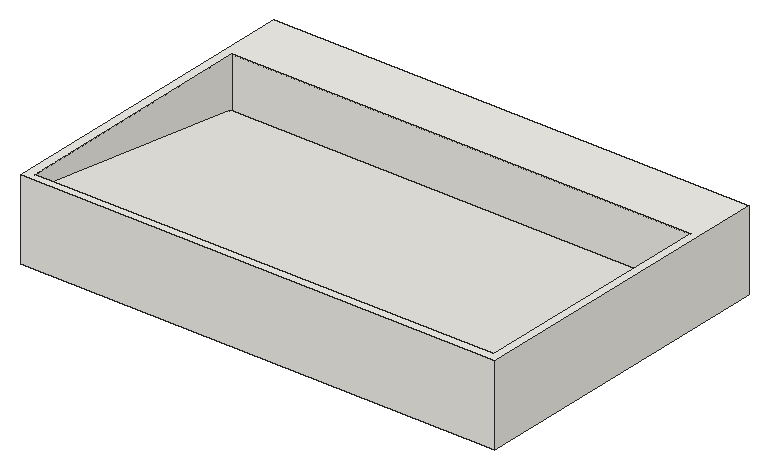
Revit family "TSL_US - TSLNANOP - The Nano Plus Sink", category Plumbing Fixtures, Revit 2021
Family settings
  Round Connector Dimension = Use Diameter
  Part Type = Normal
  Work Plane-Based = No
  Always vertical = Yes
  Cut with Voids When Loaded = No
  Shared = No
  Room Calculation Point = No
Parameters (values of type "TSL.NANO.P - White")
  URL = "https://thesplashlab.com/usa/product/the-nano-plus-sink/"
  Type Image = <None>
  Type Comments = "THE NANO PLUS SINK"
  TSL Width = 2' - 6"  # constant formula
  TSL Show Soap Dispenser Location [instance] = yes
  TSL Show Faucet Location [instance] = yes
  TSL Show Air Dryer Location [instance] = yes
  TSL Mounting Height [instance] = 2' - 10"
  TSL Material 02 = TSL - Material - Stainless Steel
  TSL Material 01 = TSL - Material - Glacier White
  TSL Height = 0' - 5"  # constant formula
  TSL Depth = 1' - 8"  # constant formula
  TSL Connector Diameter = 0' - 1 1/4"
  Show P Trap [instance] = yes
  Mounting Height for Drain [instance] = TSL Mounting Height - 0' 0" - 0' 4 31/128"  # 2' - 5 97/128"
  Model = "TSL.NANO.P.WH"
  Manufacturer = "The Splash Lab"
  Keynote = "22 40 00.A7"
  Description = "A 30” wide compact wash basin constructed in solid surface with concealed waste and 1 1/4” waste connection. Includes steel supporting wall bracket."
  Default Elevation = 0' - 0"
  Assembly Code = "D2010400"
Reference planes (in)
  plane 1 "Center (Front/Back)": y = 0
  plane 2: z = 0
  plane 3 "Center (Left/Right)": x = 0
  plane 4: z = 34
  plane 5: x = -15
  plane 6: x = 15
  plane 7: y = -20
  plane 8: y = -3.94
  plane 9: y = -1.97
  plane 10: z = 29
  plane 11: z = 33.5
  plane 12: x = -14.5
  plane 13: y = -19.5
  plane 14: x = 14.5
  plane 15: y = -3.44
  plane 16: z = 30.00268
  plane 17: y = -4.10406
  plane 18: y = -4.02203
  plane 19: x = -14.125
  plane 20: x = 14.125
  plane 21: z = 31.00268
  plane 22: y = -19.375
  plane 23: z = 30.84247
Dimensions and locks (in)
  "TSL Mounting Height": plane 4 to plane 2
  equal spacing: plane 5, plane 3 "Center (Left/Right)", plane 6
  "TSL Width": plane 5 to plane 6
  "TSL Depth": plane 7 to plane 1 "Center (Front/Back)"
  locked: plane 8 to plane 1 "Center (Front/Back)" at 3.94
  locked: plane 9 to plane 1 "Center (Front/Back)" at 1.97
  "TSL Height": plane 4 to plane 10
  locked: plane 4 to plane 11 at 0.5
  locked: plane 7 to plane 13 at 0.5
  locked: plane 5 to plane 12 at 0.5
  locked: plane 14 to plane 6 at 0.5
  locked: plane 8 to plane 15 at 0.5
  locked: plane 10 to plane 16 at 1.00268
  locked: plane 17 to plane 8 at 0.16406
  locked: plane 5 to plane 19 at 0.875
  locked: plane 20 to plane 6 at 0.875
  equal spacing: plane 8, plane 18, plane 17
  locked: plane 13 to plane 22 at 0.125
  locked: plane 16 to plane 21 at 1
  locked: plane 4 to plane 23 at 3.15753
  aligned and locked: level to plane 2
  aligned and locked: plane 3 "Center (Left/Right)" to nested 1
  aligned and locked: plane 1 "Center (Front/Back)" to nested 1
Nested families (in)
  nested 1: "TSL_US - TSLNANOP - The Nano Plus Sink - Nest - Shared" at (0, 0, 0), TSL Show Soap Dispenser Location <- "TSL Show Soap Dispenser Location", TSL Show Faucet Location <- "TSL Show Faucet Location", TSL Show Air Dryer Location <- "TSL Show Air Dryer Location", TSL Mounting Height <- "TSL Mounting Height", TSL Material 02 <- "TSL Material 02", TSL Material 01 <- "TSL Material 01", TSL Connector Diameter <- "TSL Connector Diameter", Show P Trap <- "Show P Trap", type "Default"
    with TSL Width 2' - 6", TSL Show Soap Dispenser Location yes, TSL Show Faucet Location yes, TSL Show Air Dryer Location yes, TSL Mounting Height 2' - 10", TSL Material 02 TSL - Material - Stainless Steel, TSL Material 01 TSL - Material - Glacier White, TSL Height 0' - 5", TSL Depth 1' - 8", TSL Connector Diameter 0' - 1 1/4", Show P Trap yes, Mounting Height for Drain 2' - 5 97/128"
  nested 2: "TSL_US - TSLDRAIN - Drain - Nest" at (0, -4.02203, 0), type "Default"
    with TSL Connector Diameter 0' - 1 1/4", Pipe Radius 0' - 0 5/8", Mounting Height 2' - 5 97/128"
  nested 3: "TSL_US - TSLDRAIN - Trap - Straight - Nest" at (0, -4.02203, 0), type "Default"
    with TSL Connector Diameter 0' - 1 1/4", Pipe Radius 0' - 0 5/8", Mounting Height 2' - 5 97/128"
Definition of nested family "TSL_US - TSLNANOP - The Nano Plus Sink - Nest - Shared"
  Parameters (values of type "Default")
    URL = ""
    Type Image = (empty or 0)
    Type Comments = ""
    TSL Width [instance] = 2' - 6"  # constant formula
    TSL Show Soap Dispenser Location [instance] = yes
    TSL Show Faucet Location [instance] = yes
    TSL Show Air Dryer Location [instance] = yes
    TSL Mounting Height [instance] = 2' - 10"
    TSL Material 02 [instance] = none
    TSL Material 01 [instance] = none
    TSL Height [instance] = 0' - 5"  # constant formula
    TSL Depth [instance] = 1' - 8"  # constant formula
    TSL Connector Diameter [instance] = 0' - 1 1/4"
    Show P Trap [instance] = yes
    Mounting Height for Drain [instance] = TSL Mounting Height - 0' 0" - 0' 4 31/128"  # 2' - 5 97/128"
    Model = ""
    Manufacturer = ""
    Description = ""
    Default Elevation = 0' - 0"
  Reference planes (in)
    plane 1 "Center (Front/Back)": y = 0
    plane 2: z = 0
    plane 3 "Center (Left/Right)": x = 0
    plane 4: z = 34
    plane 5: x = -15
    plane 6: x = 15
    plane 7: y = -20
    plane 8: y = -3.94
    plane 9: y = -1.97
    plane 10: z = 29
    plane 11: z = 33.5
    plane 12: x = -14.5
    plane 13: y = -19.5
    plane 14: x = 14.5
    plane 15: y = -3.44
    plane 16: z = 30.00268
    plane 17: y = -4.10406
    plane 18: y = -4.02203
    plane 19: x = -14.125
    plane 20: x = 14.125
    plane 21: z = 30.84247
    plane 22: z = 30.36162
    plane 23: z = 33.20125
    plane 24: z = 32.69554
    plane 25: y = -4.10406
    plane 26: z = 30.53589
    plane 27: y = -5.25365
    plane 28: z = 29.75609
    plane 29: y = -2.61154
    plane 30: z = 30.13537
    plane 31: z = 31.00268
    plane 32: y = -19.375
    plane 33: z = 30.84247
  Forms (in)
    Extrusion 1, solid, material <- "TSL Material 01"
      sketch origin (0, 0, 0) x (1, 0, 0) y (0, 1, 0)
        loop
          line (-15, 0) -> (-15, -20) -> (15, -20) -> (15, 0) -> (-15, 0)
        loop
          line (-14.5, -3.94) -> (-14.5, -19.5) -> (14.5, -19.5) -> (14.5, -3.94) -> (-14.5, -3.94)
      from 33.5 to 34
    Extrusion 2, solid, material <- "TSL Material 01"
      sketch origin (0, 0, 0) x (1, 0, 0) y (0, 1, 0)
        loop
          line (-15, 0) -> (-15, -20) -> (15, -20) -> (15, 0) -> (14.5, 0) -> (14.5, -19.5) -> (-14.5, -19.5) -> (-14.5, 0) -> (-15, 0)
      from 29 to 33.5
    Extrusion 3, solid, material <- "TSL Material 01"
      sketch origin (0, 0, 0) x (0, 1, 0) y (0, 0, 1)
        loop
          line (-19.5, 32.69554) -> (-4.10406, 30.36162) -> (-3.44, 30.36162) -> (-3.44, 33.5) -> (-3.94, 33.5) -> (-3.94, 30.84247) -> (-19.5, 33.20125) -> (-19.5, 32.69554)
      from -14.5 to 14.5
    Extrusion 4, solid, material <- "TSL Material 01"
      sketch origin (0, 0, 0) x (0, 1, 0) y (0, 0, 1)
        loop
          line (-5.25365, 30.53589) -> (-5.25365, 29.75609) -> (-2.61154, 29.75609) -> (-2.61154, 30.13537) -> (-5.25365, 30.53589)
      from -14.5 to 14.5
    Extrusion 5, void
      sketch origin (0, 0, 0) x (0, 1, 0) y (0, 0, 1)
        loop
          line (-4.10406, 34) -> (-4.10406, 30.00268) -> (-3.94, 30.00268) -> (-3.94, 34) -> (-4.10406, 34)
      from -14.5 to 14.5
    Extrusion 6, solid, material <- "TSL Material 02"
      sketch origin (0, 0, 0) x (0, 1, 0) y (0, 0, 1)
        loop
          line (-19.5, 31.00268) -> (-19.5, 30.00268) -> (-19.375, 30.00268) -> (-19.375, 31.00268) -> (-19.5, 31.00268)
      from -14.5 to 14.5
  Cuts and joins
    Extrusion 5 cuts Extrusion 3
    joined: Extrusion 1, Extrusion 2, Extrusion 3
    Extrusion 5 cuts Extrusion 4
  Lines and regions (in)
    symbolic lines
      curve 1: line (-14.5, 0, 34) -> (-14.5, 0, 30.84247)
      curve 2: line (-14.5, 0, 30.84247) -> (14.5, 0, 30.84247)
      curve 3: line (14.5, 0, 30.84247) -> (14.5, 0, 34)
      curve 4: line (0, -19.5, 34) -> (0, -19.5, 33.20125)
      curve 5: line (0, -19.5, 33.20125) -> (0, -3.94, 30.84247)
      curve 6: line (0, -3.94, 30.84247) -> (0, -3.94, 34)
  Dimensions and locks (in)
    "TSL Mounting Height": plane 4 to plane 2
    equal spacing: plane 5, plane 3 "Center (Left/Right)", plane 6
    "TSL Width": plane 5 to plane 6
    "TSL Depth": plane 7 to plane 1 "Center (Front/Back)"
    locked: plane 8 to plane 1 "Center (Front/Back)" at 3.94
    locked: plane 9 to plane 1 "Center (Front/Back)" at 1.97
    "TSL Height": plane 4 to plane 10
    locked: plane 4 to plane 11 at 0.5
    locked: plane 7 to plane 13 at 0.5
    locked: plane 5 to plane 12 at 0.5
    locked: plane 14 to plane 6 at 0.5
    locked: plane 8 to plane 15 at 0.5
    locked: plane 10 to plane 16 at 1.00268
    locked: plane 17 to plane 8 at 0.16406
    locked: plane 5 to plane 19 at 0.875
    locked: plane 20 to plane 6 at 0.875
    locked: plane 4 to plane 21 at 3.15753
    locked: plane 21 to plane 22 at 0.48084
    locked: plane 4 to plane 23 at 0.79875
    locked: plane 24 to plane 23 at 0.50571
    locked: plane 25 to plane 1 "Center (Front/Back)" at 4.10406
    locked: plane 29 to plane 1 "Center (Front/Back)" at 2.61154
    locked: plane 27 to plane 1 "Center (Front/Back)" at 5.25365
    locked: plane 4 to plane 26 at 3.46411
    locked: plane 28 to plane 26 at 0.7798
    locked: plane 4 to plane 30 at 3.86463
    equal spacing: plane 8, plane 18, plane 17
    locked: plane 13 to plane 32 at 0.125
    locked: plane 16 to plane 31 at 1
    locked: plane 4 to plane 33 at 3.15753
    aligned and locked: level to plane 2
    aligned and locked: plane 1 "Center (Front/Back)" to Extrusion 1 sketch curve
    aligned and locked: plane 5 to Extrusion 1 sketch curve
    aligned and locked: Extrusion 1 sketch curve to plane 7
    aligned and locked: plane 6 to Extrusion 1 sketch curve
    aligned and locked: plane 8 to Extrusion 1 sketch curve
    aligned and locked: plane 4 to Extrusion 1
    aligned and locked: plane 11 to Extrusion 1
    aligned and locked: Extrusion 2 sketch curve to plane 12
    aligned and locked: Extrusion 2 sketch curve to plane 13
    aligned and locked: Extrusion 2 sketch curve to plane 14
    aligned and locked: plane 1 "Center (Front/Back)" to Extrusion 2 sketch curve  (x2)
    aligned and locked: plane 5 to Extrusion 2 sketch curve
    aligned and locked: plane 6 to Extrusion 2 sketch curve
    aligned and locked: Extrusion 2 sketch curve to plane 7
    aligned and locked: Extrusion 2 to plane 11
    aligned and locked: plane 10 to Extrusion 2
    aligned and locked: Extrusion 3 sketch curve to plane 8
    aligned and locked: Extrusion 3 sketch curve to plane 15
    aligned and locked: Extrusion 3 sketch curve to plane 11
    aligned and locked: Extrusion 5 sketch curve to plane 16
    aligned and locked: Extrusion 5 sketch curve to plane 4
    aligned and locked: plane 17 to Extrusion 5 sketch curve
    aligned and locked: plane 8 to Extrusion 5 sketch curve
    aligned and locked: cut or joined group of Extrusion 4, Extrusion 5 to plane 12
    aligned and locked: plane 14 to cut or joined group of Extrusion 4, Extrusion 5
    aligned and locked: plane 12 to Extrusion 1 sketch curve
    aligned and locked: Extrusion 1 sketch curve to plane 14
    aligned and locked: plane 3 "Center (Left/Right)" to nested 2
    aligned and locked: plane 3 "Center (Left/Right)" to nested 1
    aligned and locked: nested 1 to plane 18
    aligned and locked: plane 9 to nested 2
    aligned and locked: nested 3 to plane 19
    aligned and locked: nested 4 to plane 20
    aligned and locked: plane 1 "Center (Front/Back)" to nested 4
    aligned and locked: plane 1 "Center (Front/Back)" to nested 3
    aligned and locked: plane 13 to Extrusion 1 sketch curve
    aligned and locked: plane 13 to Extrusion 3 sketch curve
    aligned and locked: plane 21 to Extrusion 3 sketch curve
    aligned and locked: Extrusion 3 sketch curve to plane 22
    aligned and locked: plane 23 to Extrusion 3 sketch curve
    aligned and locked: plane 24 to Extrusion 3 sketch curve
    aligned and locked: plane 25 to Extrusion 3 sketch curve
    aligned and locked: Extrusion 4 sketch curve to plane 27
    aligned and locked: plane 26 to Extrusion 4 sketch curve
    aligned and locked: Extrusion 4 sketch curve to plane 28
    aligned and locked: Extrusion 4 sketch curve to plane 29
    aligned and locked: plane 30 to Extrusion 4 sketch curve
    aligned and locked: Extrusion 6 sketch curve to plane 16
    aligned and locked: Extrusion 6 sketch curve to plane 31
    aligned and locked: plane 13 to Extrusion 6 sketch curve
    aligned and locked: Extrusion 6 sketch curve to plane 32
    aligned and locked: Extrusion 6 to plane 12
    aligned and locked: plane 14 to Extrusion 6
    aligned and locked: cut or joined group of Extrusion 1, Extrusion 2, Extrusion 3, Extrusion 5 to plane 12
    aligned and locked: plane 14 to cut or joined group of Extrusion 1, Extrusion 2, Extrusion 3, Extrusion 5
    aligned and locked: plane 3 "Center (Left/Right)" to nested 5
    aligned and locked: plane 9 to nested 5
    aligned and locked: plane 3 "Center (Left/Right)" to nested 6
    aligned and locked: plane 9 to nested 6
    aligned and locked: plane 14 to curve 3
    aligned and locked: curve 1 to plane 12
    aligned and locked: plane 33 to curve 2
    aligned and locked: curve 4 to plane 13
    aligned and locked: curve 6 to plane 8
  Automatic sketch dimensions
    curve 3 to plane 4 = 0' - 0"
    curve 1 to plane 4 = 0' - 0"
    plane 33 to curve 5 = 0' - 0"
    curve 6 to plane 4 = 0' - 0"
    curve 4 to plane 4 = 0' - 0"
    plane 11 to curve 5 = 0' - 0.29875"
  Nested families (in)
    nested 1: "TSL_US - TSLDRAIN - Drain - Nest" at (0, -4.02203, 0), Mounting Height <- "Mounting Height for Drain", TSL Connector Diameter <- "TSL Connector Diameter", type "Default"
      with TSL Connector Diameter 0' - 1 1/4", Pipe Radius 0' - 0 5/8", Mounting Height 2' - 5 97/128"
    nested 2: "TSL - TSLNANOR - The Ribbon Sink - Faucet Hole - Nest" at (0, -1.97, 0), visible <- "TSL Show Faucet Location", type "Default"
    nested 3: "TSL - TSLNANOR - The Ribbon Sink - Support - Nest" at (-14.125, 0, 0), Mounting Height <- "TSL Mounting Height", type "Default"
      with Mounting Height 2' - 10"
    nested 4: "TSL - TSLNANOR - The Ribbon Sink - Support - Nest" at (14.125, 0, 0), Mounting Height <- "TSL Mounting Height", type "Default"
      with Mounting Height 2' - 10"
    nested 5: "TSL - TSLNANOR - The Ribbon Sink - Soap Dispenser Hole - Nest" at (0, -1.97, 0), visible <- "TSL Show Soap Dispenser Location", type "Default"
    nested 6: "TSL - TSLNANOR - The Ribbon Sink - Air Dryer Hole - Nest" at (0, -1.97, 0), visible <- "TSL Show Air Dryer Location", type "Default"
    nested 7: "TSL_US - TSLDRAIN - Trap - Straight - Nest" at (0, -4.02203, 0), Mounting Height <- "Mounting Height for Drain", TSL Connector Diameter <- "TSL Connector Diameter", visible <- "Show P Trap", type "Default"
      with TSL Connector Diameter 0' - 1 1/4", Pipe Radius 0' - 0 5/8", Mounting Height 2' - 5 97/128"
  Definition of nested family "TSL_US - TSLDRAIN - Drain - Nest"
    Parameters (values of type "Default")
      URL = ""
      Type Image = (empty or 0)
      Type Comments = ""
      TSL Material 03 = none
      TSL Material 02 = none
      TSL Connector Diameter [instance] = 0' - 1 1/4"
      Pipe Radius [instance] = TSL Connector Diameter / 2  # 0' - 0 5/8"
      Mounting Height [instance] = 2' - 10"
      Model = ""
      Manufacturer = ""
      Description = ""
      Default Elevation = 0' - 0"
    Reference planes (in)
      plane 1 "Center (Front/Back)": y = 0
      plane 2: z = 0
      plane 3 "Center (Left/Right)": x = 0
      plane 4: z = 34
      plane 5: z = 33.52756
      plane 6: z = 33.31102
    Forms (in)
      Extrusion 1, solid, material <- "TSL Material 02"
        sketch origin (0, 0, 0) x (1, 0, 0) y (0, 1, 0)
          loop
            line (3.17171, 1.14173) -> (-3.1275, 1.14173)
            arc (-3.1275, 1.14173) -> (-3.9093, 0.79353) -> (-4.22986, 0) r 1.14244
            arc (-4.22986, 0) -> (-3.9093, -0.79353) -> (-3.1275, -1.14173) r 1.14244
            line (-3.1275, -1.14173) -> (3.17171, -1.14173)
            arc (3.17171, -1.14173) -> (3.95351, -0.79353) -> (4.27407, 0) r 1.14244
            arc (4.27407, 0) -> (3.95351, 0.79353) -> (3.17171, 1.14173) r 1.14244
        from 33.52756 to 34
      Extrusion 2, solid, material <- "TSL Material 02"
        sketch origin (0, 0, 0) x (1, 0, 0) y (0, 1, 0)
          loop
            arc (-2.34252, 1.12402) -> (-3.46457, 0.00197) -> (-2.34252, -1.12008) r 1.12205
            line (-2.34252, -1.12008) -> (2.34252, -1.12008)
            arc (2.34252, -1.12008) -> (3.46457, 0.00197) -> (2.34252, 1.12402) r 1.12205
            line (2.34252, 1.12402) -> (-2.34252, 1.12402)
        from 33.31102 to 33.52756
      Extrusion 3, solid, material <- "TSL Material 02"
        sketch origin (0, -4.02693, 37.59245) x (1, 0, 0) y (0, 0, 1)
          loop
            arc (-2.64868, -4.28143) -> (-2.6025, -4.3734) -> (-2.53187, -4.44825) r 0.35494
            arc (-2.53187, -4.44825) -> (-2.42036, -4.5351) -> (-2.29805, -4.60596) r 1.03504
            arc (-2.29805, -4.60596) -> (-2.10154, -4.70231) -> (-1.89986, -4.78731) r 3.83802
            line (-1.89986, -4.78731) -> (-1.36673, -4.99429)
            arc (-1.36673, -4.99429) -> (-1.11597, -5.10775) -> (-0.87907, -5.24786) r 2.52194
            arc (-0.87907, -5.24786) -> (-0.82943, -5.29051) -> (-0.79147, -5.34382) r 0.27091
            arc (-0.79147, -5.34382) -> (-0.78526, -5.36159) -> (-0.78501, -5.38042) r 0.05851
            line (-0.78501, -5.38042) -> (-0.78501, -5.42344) -> (0.78501, -5.42344) -> (0.78501, -5.38042)
            arc (0.78501, -5.38042) -> (0.78526, -5.36159) -> (0.79147, -5.34382) r 0.05851
            arc (0.79147, -5.34382) -> (0.82943, -5.29051) -> (0.87907, -5.24786) r 0.27091
            arc (0.87907, -5.24786) -> (1.11597, -5.10775) -> (1.36673, -4.99429) r 2.52194
            line (1.36673, -4.99429) -> (1.89986, -4.78731)
            arc (1.89986, -4.78731) -> (2.10154, -4.70231) -> (2.29805, -4.60596) r 3.83802
            arc (2.29805, -4.60596) -> (2.42036, -4.5351) -> (2.53187, -4.44825) r 1.03504
            arc (2.53187, -4.44825) -> (2.6025, -4.3734) -> (2.64868, -4.28143) r 0.35494
            line (2.64868, -4.28143) -> (-2.64868, -4.28143)
        from -4.35345 to -3.70437
      Extrusion 4, solid, material <- "TSL Material 02"
        sketch origin (0, 0, 0) x (1, 0, 0) y (0, 0, 1)
          loop
            arc (-3.33337, 33.31102) -> (-3.27209, 33.30124) -> (-3.21691, 33.27287) r 0.19685
            arc (-3.21691, 33.27287) -> (-2.52143, 32.89597) -> (-1.75011, 32.72047) r 2.90753
            line (-1.75011, 32.72047) -> (-1.70852, 32.71683)
            arc (-1.70852, 32.71683) -> (-1.59336, 32.69549) -> (-1.48439, 32.65257) r 0.61097
            line (-1.48439, 32.65257) -> (1.48439, 32.65257)
            arc (1.48439, 32.65257) -> (1.59336, 32.69549) -> (1.70852, 32.71683) r 0.61097
            line (1.70852, 32.71683) -> (1.75011, 32.72047)
            arc (1.75011, 32.72047) -> (2.52143, 32.89597) -> (3.21691, 33.27287) r 2.90753
            arc (3.21691, 33.27287) -> (3.27209, 33.30124) -> (3.33337, 33.31102) r 0.19685
            line (3.33337, 33.31102) -> (-3.33337, 33.31102)
        from -0.03631 to 0.0366
      Revolve 5, solid, material <- "TSL Material 02"
        sketch origin (0, 0, 0) x (0, 1, 0) y (0, 0, 1)
          loop
            arc (-0.7219, 32.12504) -> (-0.73742, 32.08681) -> (-0.77382, 32.06738) r 0.06058
            line (-0.77382, 32.06738) -> (0, 32.06738) -> (0, 32.8936) -> (-0.05442, 32.8936)
            arc (-0.05442, 32.8936) -> (-0.35689, 32.8083) -> (-0.57021, 32.57753) r 0.57888
            line (-0.57021, 32.57753) -> (-0.66745, 32.38668)
            arc (-0.66745, 32.38668) -> (-0.70563, 32.25814) -> (-0.7219, 32.12504) r 0.80316
          axis (0, 32.8936) -> (0, 32.06738)
        angle from 0 to 360
      Revolve 6, solid, material <- "TSL Material 02"
        sketch origin (0, 0, 0.07168) x (1, 0, 0) y (0, 0, 1)
          loop
            line (-0.95691, 31.95978) -> (-0.88151, 31.91628) -> (-0.95422, 31.87285) -> (-0.8788, 31.82934) -> (-0.9515, 31.78591) -> (-0.87608, 31.7424) -> (-0.94879, 31.69896) -> (-0.87336, 31.65545) -> (-0.94607, 31.61202) -> (-0.87065, 31.5685) -> (-0.94336, 31.52507) -> (-0.86784, 31.4815) -> (-0.94068, 31.43948) -> (0, 31.43948) -> (0, 31.9957) -> (-0.89709, 31.9957) -> (-0.95691, 31.95978)
          axis (0, 31.9957) -> (0, 31.43948)
        angle from 0 to 360
    Cuts and joins
      joined: Extrusion 1, Extrusion 2, Extrusion 3, Extrusion 4, Revolve 5, Revolve 6
    Lines and regions (in)
      symbolic lines
        curve 1: circle (0, 0, 0) r 0.75 normal (0, 0, 1)
      model lines
        curve 2: line (0, 0, 0) -> (0, 0, 48)
    Dimensions and locks (in)
      "Mounting Height": plane 4 to plane 2
      locked: plane 4 to plane 5 at 0.47244
      locked: plane 5 to plane 6 at 0.21654
      aligned and locked: level to plane 2
      aligned and locked: plane 4 to Extrusion 1
      aligned and locked: plane 5 to Extrusion 1
      aligned and locked: Extrusion 2 to plane 5
      aligned and locked: Extrusion 2 to plane 6
    Automatic sketch dimensions
      curve 2 to plane 3 "Center (Left/Right)" = 0' - 0"
      curve 2 to level = 0' - 0"
      plane 4 to curve 2 = 1' - 2"
      plane 1 "Center (Front/Back)" to curve 1 = 0' - 0"
      curve 1 to plane 3 "Center (Left/Right)" = 0' - 0"
      Extrusion 1 sketch curve to Extrusion 1 sketch curve = 0' - 0"  (x2)
      plane 1 "Center (Front/Back)" to Extrusion 1 sketch curve = 0' - 0"  (x2)
      Extrusion 2 sketch curve to plane 1 "Center (Front/Back)" = 0' - 0.00197"
      Extrusion 3 sketch curve to plane 6 = 0' - 0"
      plane 5 to Extrusion 3 sketch curve = 0' - 0.10492"  (x2)
      Extrusion 3 sketch curve to plane 6 = 0' - 0.50588"
      Extrusion 3 sketch curve to Extrusion 3 sketch curve = 0' - 0.41189"
      Extrusion 3 sketch curve to plane 4 = 0' - 0.08456"  (x2)
      Extrusion 3 sketch curve to Extrusion 3 sketch curve = 0' - 0.47017"
      Extrusion 3 sketch curve to plane 6 = 0' - 0.71285"  (x2)
      Extrusion 3 sketch curve to Extrusion 3 sketch curve = 0' - 0.53313"  (x2)
      Extrusion 3 sketch curve to Extrusion 3 sketch curve = 0' - 0.33722"  (x2)
      Extrusion 3 sketch curve to Extrusion 3 sketch curve = 0' - 0.18663"  (x2)
      Extrusion 3 sketch curve to Extrusion 3 sketch curve = 0' - 0.05786"  (x2)
      Extrusion 3 sketch curve to plane 3 "Center (Left/Right)" = 0' - 0.51082"
      plane 3 "Center (Left/Right)" to Extrusion 3 sketch curve = 0' - 0.51082"
      plane 3 "Center (Left/Right)" to Extrusion 3 sketch curve = 0' - 0.78501"
      Extrusion 3 sketch curve to Extrusion 3 sketch curve = 0' - 0.37747"  (x2)
      Extrusion 3 sketch curve to Extrusion 3 sketch curve = 0' - 0.00867"  (x2)
      Extrusion 3 sketch curve to Extrusion 3 sketch curve = 0' - 0.04303"
      Extrusion 3 sketch curve to Extrusion 3 sketch curve = 0' - 0.10141"  (x2)
      Extrusion 3 sketch curve to Extrusion 3 sketch curve = 0' - 1.8721"  (x2)
      Extrusion 3 sketch curve to Extrusion 3 sketch curve = 0' - 0.20698"
      plane 4 to Extrusion 3 sketch curve = 0' - 2.38299"
      Extrusion 3 sketch curve to Extrusion 3 sketch curve = 0' - 0"  (x3)
      Extrusion 3 sketch curve to Extrusion 3 sketch curve = 0' - 0.11681"
      Extrusion 3 sketch curve to plane 6 = 0' - 0.32453"
      Extrusion 4 sketch curve to plane 6 = 0' - 0"  (x2)
      plane 3 "Center (Left/Right)" to Extrusion 4 sketch curve = 0' - 3.33337"
      Extrusion 4 sketch curve to Extrusion 4 sketch curve = 0' - 0.22412"  (x2)
      Extrusion 4 sketch curve to Extrusion 4 sketch curve = 0' - 0.0416"  (x2)
      Extrusion 4 sketch curve to Extrusion 4 sketch curve = 0' - 0.27737"
      Extrusion 4 sketch curve to Extrusion 4 sketch curve = 0' - 0.05325"
      Extrusion 4 sketch curve to plane 6 = 0' - 0.19685"  (x2)
      Extrusion 4 sketch curve to plane 6 = 0' - 0.59055"  (x2)
      Extrusion 4 sketch curve to Extrusion 4 sketch curve = 0' - 0.00364"  (x2)
      Extrusion 4 sketch curve to Extrusion 4 sketch curve = 0' - 0.06427"
      plane 4 to Extrusion 4 sketch curve = 0' - 1.61694"  (x2)
      Revolve 5 sketch curve to plane 1 "Center (Front/Back)" = 0' - 0"  (x2)
      Revolve 5 sketch curve to Revolve 5 sketch curve = 0' - 0.09724"
      Revolve 5 sketch curve to Revolve 5 sketch curve = 0' - 0.10637"
      Revolve 5 sketch curve to Revolve 5 sketch curve = 0' - 0.00862"
      Revolve 5 sketch curve to plane 6 = 0' - 1.24364"
      Revolve 5 sketch curve to Revolve 5 sketch curve = 0' - 0.02712"
      Revolve 5 sketch curve to Revolve 5 sketch curve = 0' - 0.05996"
      Revolve 5 sketch curve to Revolve 5 sketch curve = 0' - 0.24734"
      Revolve 5 sketch curve to Revolve 5 sketch curve = 0' - 0.26164"
      Revolve 5 sketch curve to Revolve 5 sketch curve = 0' - 0.19084"
      Revolve 5 sketch curve to Revolve 5 sketch curve = 0' - 1.42433"
      plane 4 to Revolve 5 sketch curve = 0' - 0 1/2"
      Revolve 6 sketch curve to plane 3 "Center (Left/Right)" = 0' - 0"  (x2)
      Revolve 6 sketch curve to plane 3 "Center (Left/Right)" = 0' - 0.86784"
      Revolve 6 sketch curve to Revolve 6 sketch curve = 0' - 0.00281"
      Revolve 6 sketch curve to Revolve 6 sketch curve = 0' - 0.00272"  (x3)
      Revolve 6 sketch curve to Revolve 6 sketch curve = 0' - 0.00271"
      Revolve 6 sketch curve to Revolve 6 sketch curve = 0' - 0.01557"
      Revolve 6 sketch curve to Revolve 6 sketch curve = 0' - 0.07285"
      Revolve 6 sketch curve to Revolve 6 sketch curve = 0' - 0.07271"  (x5)
      Revolve 6 sketch curve to Revolve 6 sketch curve = 0' - 0.05983"
      Revolve 6 sketch curve to plane 6 = 0' - 1.79987"
      Revolve 6 sketch curve to Revolve 6 sketch curve = 0' - 0.04203"
      Revolve 6 sketch curve to Revolve 6 sketch curve = 0' - 0.0856"
      Revolve 6 sketch curve to Revolve 6 sketch curve = 0' - 0.04343"  (x5)
      Revolve 6 sketch curve to Revolve 6 sketch curve = 0' - 0.08694"  (x2)
      Revolve 6 sketch curve to Revolve 6 sketch curve = 0' - 0.08695"  (x2)
      Revolve 6 sketch curve to Revolve 6 sketch curve = 0' - 0.08693"
      Revolve 6 sketch curve to Revolve 6 sketch curve = 0' - 0.55623"
      Revolve 6 sketch curve to Revolve 6 sketch curve = 0' - 0.20252"
      Revolve 6 sketch curve to Revolve 6 sketch curve = 0' - 0.18143"
      plane 3 "Center (Left/Right)" to Extrusion 1 sketch curve = 0' - 3.13164"
      Extrusion 1 sketch curve to Extrusion 1 sketch curve = 0' - 0.04007"  (x3)
      plane 3 "Center (Left/Right)" to Extrusion 2 sketch curve = 0' - 2.34252"
      Extrusion 3 sketch curve to Extrusion 3 sketch curve = 0' - 0.45648"
      Extrusion 3 sketch curve to Extrusion 3 sketch curve = 0' - 1.24995"  (x2)
      Extrusion 3 sketch curve to Extrusion 3 sketch curve = 0' - 0.01369"
      Extrusion 3 sketch curve to Extrusion 3 sketch curve = 0' - 0.33693"  (x2)
      plane 3 "Center (Left/Right)" to Extrusion 4 sketch curve = 0' - 1 31/64"
      plane 3 "Center (Left/Right)" to Extrusion 4 sketch curve = 0' - 1.4967"
      Extrusion 4 sketch curve to Extrusion 4 sketch curve = 0' - 0"
      Extrusion 1 sketch curve to plane 3 "Center (Left/Right)" = 0' - 3.08743"
      Extrusion 2 sketch curve to plane 3 "Center (Left/Right)" = 0' - 2.34252"
      Extrusion 3 sketch curve to plane 3 "Center (Left/Right)" = 0' - 0.78501"
      Extrusion 4 sketch curve to plane 3 "Center (Left/Right)" = 0' - 1 31/64"
      Extrusion 4 sketch curve to plane 3 "Center (Left/Right)" = 0' - 1.4967"
      Extrusion 4 sketch curve to Extrusion 4 sketch curve = 0' - 1.58326"
      Revolve 5 sketch curve to plane 1 "Center (Front/Back)" = 0' - 0.08068"
      plane 1 "Center (Front/Back)" to Extrusion 1 sketch curve = 0' - 1.14173"
      plane 1 "Center (Front/Back)" to Extrusion 2 sketch curve = 0' - 1.12008"
      plane 1 "Center (Front/Back)" to Revolve 5 sketch curve = 0' - 0.05442"
      plane 1 "Center (Front/Back)" to Revolve 5 sketch curve = 0' - 0.57021"
      radius of curve 1 = 0' - 0 3/4"
  Definition of nested family "TSL - TSLNANOR - The Ribbon Sink - Support - Nest"
    Parameters (values of type "Default")
      URL = ""
      Type Image = (empty or 0)
      Type Comments = ""
      TSL Material 02 = none
      TSL Depth = 1' - 8"
      Mounting Height [instance] = 2' - 10"
      Model = ""
      Manufacturer = ""
      Description = ""
      Default Elevation = 0' - 0"
    Reference planes (in)
      plane 1 "Center (Front/Back)": y = 0
      plane 2: z = 0
      plane 3 "Center (Left/Right)": x = 0
      plane 4: z = 34
      plane 5: y = -20
      plane 6: y = -0.25
      plane 7: z = 30
      plane 8: z = 29
      plane 9: y = -19.5
      plane 10: x = -0.375
      plane 11: x = 0.375
      plane 12: y = -3.01032
      plane 13: z = 33.5
    Forms (in)
      Extrusion 1, solid, material <- "TSL Material 02"
        sketch origin (0, 0, 0) x (1, 0, 0) y (0, 0, 1)
          loop
            line (-0.375, 33.5) -> (-0.375, 29) -> (0.375, 29) -> (0.375, 33.5) -> (-0.375, 33.5)
        from 0 to 0.25
      Extrusion 2, solid, material <- "TSL Material 02"
        sketch origin (0, 0, 0) x (1, 0, 0) y (0, 1, 0)
          loop
            line (-0.375, -0.25) -> (-0.375, -19.5) -> (0.375, -19.5) -> (0.375, -0.25) -> (-0.375, -0.25)
        from 29 to 30
    Cuts and joins
      joined: Extrusion 1, Extrusion 2
    Lines and regions (in)
      symbolic lines
        curve 1: line (-0.375, 0, 0) -> (0.375, 0, 0)
        curve 2: line (-0.375, -0.25, 0) -> (-0.375, 0, 0)
        curve 3: line (0.375, -0.25, 0) -> (-0.375, -0.25, 0)
        curve 4: line (0.375, 0, 0) -> (0.375, -0.25, 0)
        curve 5: line (-0.375, -0.25, 0) -> (-0.375, -19.5, 0)
        curve 6: line (-0.375, -19.5, 0) -> (0.375, -19.5, 0)
        curve 7: line (0.375, -19.5, 0) -> (0.375, -0.25, 0)
      model lines
        curve 8: line (0, 0, 0) -> (0, 0, 48)
    Dimensions and locks (in)
      "Mounting Height": plane 4 to plane 2
      "TSL Depth": plane 5 to plane 1 "Center (Front/Back)"
      locked: plane 6 to plane 1 "Center (Front/Back)" at 0.25
      locked: plane 4 to plane 7 at 4
      locked: plane 8 to plane 7 at 1
      locked: plane 5 to plane 9 at 0.5
      equal spacing: plane 10, plane 3 "Center (Left/Right)", plane 11
      locked: plane 4 to plane 13 at 0.5
      locked: plane 10 to plane 11 at 0.75
      aligned and locked: level to plane 2
      aligned and locked: Extrusion 2 sketch curve to plane 9
      aligned and locked: plane 10 to Extrusion 2 sketch curve
      aligned and locked: plane 11 to Extrusion 2 sketch curve
      aligned and locked: Extrusion 2 sketch curve to plane 6
      aligned and locked: plane 8 to Extrusion 2
      aligned and locked: Extrusion 2 to plane 7
      aligned and locked: plane 1 "Center (Front/Back)" to curve 1
      aligned and locked: plane 6 to curve 5
      aligned and locked: plane 6 to curve 7
      aligned and locked: curve 7 to plane 11
      aligned and locked: curve 5 to plane 10
      aligned and locked: plane 9 to curve 6
      aligned and locked: Extrusion 1 to plane 11
      aligned and locked: Extrusion 1 to plane 10
      aligned and locked: plane 10 to curve 2
      aligned and locked: plane 11 to curve 4
    Automatic sketch dimensions
      curve 8 to plane 3 "Center (Left/Right)" = 0' - 0"
      curve 8 to level = 0' - 0"
      plane 4 to curve 8 = 1' - 2"
      Extrusion 1 sketch curve to plane 13 = 0' - 0"
      plane 8 to Extrusion 1 sketch curve = 0' - 0"
      plane 11 to Extrusion 1 sketch curve = 0' - 0"
      Extrusion 1 sketch curve to plane 10 = 0' - 0"
  Definition of nested family "TSL_US - TSLDRAIN - Trap - Straight - Nest"
    Parameters (values of type "Default")
      URL = ""
      Type Image = (empty or 0)
      Type Comments = ""
      TSL Material 03 = none
      TSL Material 02 = none
      TSL Connector Diameter [instance] = 0' - 1 1/4"
      Pipe Radius [instance] = TSL Connector Diameter / 2  # 0' - 0 5/8"
      Mounting Height [instance] = 2' - 10"
      Model = ""
      Manufacturer = ""
      Description = ""
      Default Elevation = 0' - 0"
    Reference planes (in)
      plane 1 "Center (Front/Back)": y = 0
      plane 2: z = 0
      plane 3 "Center (Left/Right)": x = 0
      plane 4: z = 34
      plane 5: z = 33.52756
      plane 6: z = 33.31102
    Forms (in)
      Sweep 1, solid, material <- "TSL Material 03"
        path origin (0, 0, 0) x (0, 1, 0) y (0, 0, 1)
          loop
            line (0, 31.51115) -> (0, 30.28732)
            arc (0, 30.28732) -> (0.44971, 29.18542) -> (1.542, 28.71286) r 1.5748
            line (1.542, 28.71286) -> (4.52883, 28.65063)
        profile origin (0, 0, 30.89924) x (1, 0, 0) y (0, 1, 0)
          loop
            circle (0, 0) r 0.625
    Lines and regions (in)
      symbolic lines
        curve 1: circle (0, 0, 0) r 0.75 normal (0, 0, 1)
    Dimensions and locks (in)
      "Mounting Height": plane 4 to plane 2
      locked: plane 4 to plane 5 at 0.47244
      locked: plane 5 to plane 6 at 0.21654
      "Pipe Radius": radius of Sweep 1 sketch curve
      aligned and locked: level to plane 2
    Automatic sketch dimensions
      plane 1 "Center (Front/Back)" to curve 1 = 0' - 0"
      curve 1 to plane 3 "Center (Left/Right)" = 0' - 0"
      Sweep 1 sketch curve to plane 1 "Center (Front/Back)" = 0' - 0"
      Sweep 1 sketch curve to plane 1 "Center (Front/Back)" = 0' - 1.542"
      Sweep 1 sketch curve to plane 1 "Center (Front/Back)" = 0' - 1.5748"
      Sweep 1 sketch curve to plane 6 = 0' - 4.59816"
      Sweep 1 sketch curve to plane 6 = 0' - 4.66039"
      Sweep 1 sketch curve to Sweep 1 sketch curve = 0' - 1.22383"
      Sweep 1 sketch curve to Sweep 1 sketch curve = 0' - 2.98683"
      Sweep 1 sketch curve to plane 3 "Center (Left/Right)" = 0' - 0"
      profile plane to Sweep 1 sketch curve = 0' - 0"
      radius of curve 1 = 0' - 0 3/4"
    Connectors (in)
      piping at (0, 4.52883, 28.65063), diameter 1.25, driven by "TSL Connector Diameter"
        settings: on Sweep 1, index 1, connector inside diameter 24", connector length 0' - 0", flow factor 0, pipe flow 0 GPM, pressure drop 0.00 psi, fitting loss kfactor 0, connector angle 0.00°, fixture units 0, engagement length 0' - 0", angle of deflection 0.00°, flow configuration 3, flow direction 2, fitting loss method 0, system type 16, joint type 0, gender type 0, connector reference index -1, connector utility 0, adjustable connector no, is connector primary yes, connector description "Sink waste water"
  Definition of nested family "TSL - TSLNANOR - The Ribbon Sink - Faucet Hole - Nest"
    Parameters (values of type "Default")
      URL = ""
      Type Image = (empty or 0)
      Type Comments = ""
      Model = ""
      Manufacturer = ""
      Description = ""
      Default Elevation = 0' - 0"
    Reference planes (in)
      plane 1 "Center (Front/Back)": y = 0
      plane 2: z = 0
      plane 3 "Center (Left/Right)": x = 0
    Lines and regions (in)
      model lines
        curve 1: line (0, 0, 0) -> (0, 0, 48)
      symbolic lines
        curve 2: line (0, 0.34375, 0) -> (0, -0.34375, 0)
        curve 3: line (-0.34375, 0, 0) -> (0.34375, 0, 0)
    Dimensions and locks (in)
      aligned and locked: level to plane 2
  Definition of nested family "TSL - TSLNANOR - The Ribbon Sink - Soap Dispenser Hole - Nest"
    Parameters (values of type "Default")
      URL = ""
      Type Image = (empty or 0)
      Type Comments = ""
      Model = ""
      Manufacturer = ""
      Description = ""
      Default Elevation = 0' - 0"
    Reference planes (in)
      plane 1 "Center (Front/Back)": y = 0
      plane 2: z = 0
      plane 3 "Center (Left/Right)": x = 0
    Lines and regions (in)
      model lines
        curve 1: line (0, 0, 0) -> (0, 0, 48)
      symbolic lines
        curve 2: line (-7.87, 0.34375, 0) -> (-7.87, -0.34375, 0)
        curve 3: line (-8.21375, 0, 0) -> (-7.52625, 0, 0)
    Dimensions and locks (in)
      aligned and locked: level to plane 2
  Definition of nested family "TSL - TSLNANOR - The Ribbon Sink - Air Dryer Hole - Nest"
    Parameters (values of type "Default")
      URL = ""
      Type Image = (empty or 0)
      Type Comments = ""
      Model = ""
      Manufacturer = ""
      Description = ""
      Default Elevation = 0' - 0"
    Reference planes (in)
      plane 1 "Center (Front/Back)": y = 0
      plane 2: z = 0
      plane 3 "Center (Left/Right)": x = 0
    Lines and regions (in)
      model lines
        curve 1: line (0, 0, 0) -> (0, 0, 48)
      symbolic lines
        curve 2: line (7.87, 0.34375, 0) -> (7.87, -0.34375, 0)
        curve 3: line (7.52625, 0, 0) -> (8.21375, 0, 0)
    Dimensions and locks (in)
      aligned and locked: level to plane 2
Definition of nested family "TSL_US - TSLDRAIN - Drain - Nest"
  Parameters (values of type "Default")
    URL = ""
    Type Image = (empty or 0)
    Type Comments = ""
    TSL Material 03 = none
    TSL Material 02 = none
    TSL Connector Diameter [instance] = 0' - 1 1/4"
    Pipe Radius [instance] = TSL Connector Diameter / 2  # 0' - 0 5/8"
    Mounting Height [instance] = 2' - 10"
    Model = ""
    Manufacturer = ""
    Description = ""
    Default Elevation = 0' - 0"
  Reference planes (in)
    plane 1 "Center (Front/Back)": y = 0
    plane 2: z = 0
    plane 3 "Center (Left/Right)": x = 0
    plane 4: z = 34
    plane 5: z = 33.52756
    plane 6: z = 33.31102
  Forms (in)
    Extrusion 1, solid, material <- "TSL Material 02"
      sketch origin (0, 0, 0) x (1, 0, 0) y (0, 1, 0)
        loop
          line (3.17171, 1.14173) -> (-3.1275, 1.14173)
          arc (-3.1275, 1.14173) -> (-3.9093, 0.79353) -> (-4.22986, 0) r 1.14244
          arc (-4.22986, 0) -> (-3.9093, -0.79353) -> (-3.1275, -1.14173) r 1.14244
          line (-3.1275, -1.14173) -> (3.17171, -1.14173)
          arc (3.17171, -1.14173) -> (3.95351, -0.79353) -> (4.27407, 0) r 1.14244
          arc (4.27407, 0) -> (3.95351, 0.79353) -> (3.17171, 1.14173) r 1.14244
      from 33.52756 to 34
    Extrusion 2, solid, material <- "TSL Material 02"
      sketch origin (0, 0, 0) x (1, 0, 0) y (0, 1, 0)
        loop
          arc (-2.34252, 1.12402) -> (-3.46457, 0.00197) -> (-2.34252, -1.12008) r 1.12205
          line (-2.34252, -1.12008) -> (2.34252, -1.12008)
          arc (2.34252, -1.12008) -> (3.46457, 0.00197) -> (2.34252, 1.12402) r 1.12205
          line (2.34252, 1.12402) -> (-2.34252, 1.12402)
      from 33.31102 to 33.52756
    Extrusion 3, solid, material <- "TSL Material 02"
      sketch origin (0, -4.02693, 37.59245) x (1, 0, 0) y (0, 0, 1)
        loop
          arc (-2.64868, -4.28143) -> (-2.6025, -4.3734) -> (-2.53187, -4.44825) r 0.35494
          arc (-2.53187, -4.44825) -> (-2.42036, -4.5351) -> (-2.29805, -4.60596) r 1.03504
          arc (-2.29805, -4.60596) -> (-2.10154, -4.70231) -> (-1.89986, -4.78731) r 3.83802
          line (-1.89986, -4.78731) -> (-1.36673, -4.99429)
          arc (-1.36673, -4.99429) -> (-1.11597, -5.10775) -> (-0.87907, -5.24786) r 2.52194
          arc (-0.87907, -5.24786) -> (-0.82943, -5.29051) -> (-0.79147, -5.34382) r 0.27091
          arc (-0.79147, -5.34382) -> (-0.78526, -5.36159) -> (-0.78501, -5.38042) r 0.05851
          line (-0.78501, -5.38042) -> (-0.78501, -5.42344) -> (0.78501, -5.42344) -> (0.78501, -5.38042)
          arc (0.78501, -5.38042) -> (0.78526, -5.36159) -> (0.79147, -5.34382) r 0.05851
          arc (0.79147, -5.34382) -> (0.82943, -5.29051) -> (0.87907, -5.24786) r 0.27091
          arc (0.87907, -5.24786) -> (1.11597, -5.10775) -> (1.36673, -4.99429) r 2.52194
          line (1.36673, -4.99429) -> (1.89986, -4.78731)
          arc (1.89986, -4.78731) -> (2.10154, -4.70231) -> (2.29805, -4.60596) r 3.83802
          arc (2.29805, -4.60596) -> (2.42036, -4.5351) -> (2.53187, -4.44825) r 1.03504
          arc (2.53187, -4.44825) -> (2.6025, -4.3734) -> (2.64868, -4.28143) r 0.35494
          line (2.64868, -4.28143) -> (-2.64868, -4.28143)
      from -4.35345 to -3.70437
    Extrusion 4, solid, material <- "TSL Material 02"
      sketch origin (0, 0, 0) x (1, 0, 0) y (0, 0, 1)
        loop
          arc (-3.33337, 33.31102) -> (-3.27209, 33.30124) -> (-3.21691, 33.27287) r 0.19685
          arc (-3.21691, 33.27287) -> (-2.52143, 32.89597) -> (-1.75011, 32.72047) r 2.90753
          line (-1.75011, 32.72047) -> (-1.70852, 32.71683)
          arc (-1.70852, 32.71683) -> (-1.59336, 32.69549) -> (-1.48439, 32.65257) r 0.61097
          line (-1.48439, 32.65257) -> (1.48439, 32.65257)
          arc (1.48439, 32.65257) -> (1.59336, 32.69549) -> (1.70852, 32.71683) r 0.61097
          line (1.70852, 32.71683) -> (1.75011, 32.72047)
          arc (1.75011, 32.72047) -> (2.52143, 32.89597) -> (3.21691, 33.27287) r 2.90753
          arc (3.21691, 33.27287) -> (3.27209, 33.30124) -> (3.33337, 33.31102) r 0.19685
          line (3.33337, 33.31102) -> (-3.33337, 33.31102)
      from -0.03631 to 0.0366
    Revolve 5, solid, material <- "TSL Material 02"
      sketch origin (0, 0, 0) x (0, 1, 0) y (0, 0, 1)
        loop
          arc (-0.7219, 32.12504) -> (-0.73742, 32.08681) -> (-0.77382, 32.06738) r 0.06058
          line (-0.77382, 32.06738) -> (0, 32.06738) -> (0, 32.8936) -> (-0.05442, 32.8936)
          arc (-0.05442, 32.8936) -> (-0.35689, 32.8083) -> (-0.57021, 32.57753) r 0.57888
          line (-0.57021, 32.57753) -> (-0.66745, 32.38668)
          arc (-0.66745, 32.38668) -> (-0.70563, 32.25814) -> (-0.7219, 32.12504) r 0.80316
        axis (0, 32.8936) -> (0, 32.06738)
      angle from 0 to 360
    Revolve 6, solid, material <- "TSL Material 02"
      sketch origin (0, 0, 0.07168) x (1, 0, 0) y (0, 0, 1)
        loop
          line (-0.95691, 31.95978) -> (-0.88151, 31.91628) -> (-0.95422, 31.87285) -> (-0.8788, 31.82934) -> (-0.9515, 31.78591) -> (-0.87608, 31.7424) -> (-0.94879, 31.69896) -> (-0.87336, 31.65545) -> (-0.94607, 31.61202) -> (-0.87065, 31.5685) -> (-0.94336, 31.52507) -> (-0.86784, 31.4815) -> (-0.94068, 31.43948) -> (0, 31.43948) -> (0, 31.9957) -> (-0.89709, 31.9957) -> (-0.95691, 31.95978)
        axis (0, 31.9957) -> (0, 31.43948)
      angle from 0 to 360
  Cuts and joins
    joined: Extrusion 1, Extrusion 2, Extrusion 3, Extrusion 4, Revolve 5, Revolve 6
  Lines and regions (in)
    symbolic lines
      curve 1: circle (0, 0, 0) r 0.75 normal (0, 0, 1)
    model lines
      curve 2: line (0, 0, 0) -> (0, 0, 48)
  Dimensions and locks (in)
    "Mounting Height": plane 4 to plane 2
    locked: plane 4 to plane 5 at 0.47244
    locked: plane 5 to plane 6 at 0.21654
    aligned and locked: level to plane 2
    aligned and locked: plane 4 to Extrusion 1
    aligned and locked: plane 5 to Extrusion 1
    aligned and locked: Extrusion 2 to plane 5
    aligned and locked: Extrusion 2 to plane 6
  Automatic sketch dimensions
    curve 2 to plane 3 "Center (Left/Right)" = 0' - 0"
    curve 2 to level = 0' - 0"
    plane 4 to curve 2 = 1' - 2"
    plane 1 "Center (Front/Back)" to curve 1 = 0' - 0"
    curve 1 to plane 3 "Center (Left/Right)" = 0' - 0"
    Extrusion 1 sketch curve to Extrusion 1 sketch curve = 0' - 0"  (x2)
    plane 1 "Center (Front/Back)" to Extrusion 1 sketch curve = 0' - 0"  (x2)
    Extrusion 2 sketch curve to plane 1 "Center (Front/Back)" = 0' - 0.00197"
    Extrusion 3 sketch curve to plane 6 = 0' - 0"
    plane 5 to Extrusion 3 sketch curve = 0' - 0.10492"  (x2)
    Extrusion 3 sketch curve to plane 6 = 0' - 0.50588"
    Extrusion 3 sketch curve to Extrusion 3 sketch curve = 0' - 0.41189"
    Extrusion 3 sketch curve to plane 4 = 0' - 0.08456"  (x2)
    Extrusion 3 sketch curve to Extrusion 3 sketch curve = 0' - 0.47017"
    Extrusion 3 sketch curve to plane 6 = 0' - 0.71285"  (x2)
    Extrusion 3 sketch curve to Extrusion 3 sketch curve = 0' - 0.53313"  (x2)
    Extrusion 3 sketch curve to Extrusion 3 sketch curve = 0' - 0.33722"  (x2)
    Extrusion 3 sketch curve to Extrusion 3 sketch curve = 0' - 0.18663"  (x2)
    Extrusion 3 sketch curve to Extrusion 3 sketch curve = 0' - 0.05786"  (x2)
    Extrusion 3 sketch curve to plane 3 "Center (Left/Right)" = 0' - 0.51082"
    plane 3 "Center (Left/Right)" to Extrusion 3 sketch curve = 0' - 0.51082"
    plane 3 "Center (Left/Right)" to Extrusion 3 sketch curve = 0' - 0.78501"
    Extrusion 3 sketch curve to Extrusion 3 sketch curve = 0' - 0.37747"  (x2)
    Extrusion 3 sketch curve to Extrusion 3 sketch curve = 0' - 0.00867"  (x2)
    Extrusion 3 sketch curve to Extrusion 3 sketch curve = 0' - 0.04303"
    Extrusion 3 sketch curve to Extrusion 3 sketch curve = 0' - 0.10141"  (x2)
    Extrusion 3 sketch curve to Extrusion 3 sketch curve = 0' - 1.8721"  (x2)
    Extrusion 3 sketch curve to Extrusion 3 sketch curve = 0' - 0.20698"
    plane 4 to Extrusion 3 sketch curve = 0' - 2.38299"
    Extrusion 3 sketch curve to Extrusion 3 sketch curve = 0' - 0"  (x3)
    Extrusion 3 sketch curve to Extrusion 3 sketch curve = 0' - 0.11681"
    Extrusion 3 sketch curve to plane 6 = 0' - 0.32453"
    Extrusion 4 sketch curve to plane 6 = 0' - 0"  (x2)
    plane 3 "Center (Left/Right)" to Extrusion 4 sketch curve = 0' - 3.33337"
    Extrusion 4 sketch curve to Extrusion 4 sketch curve = 0' - 0.22412"  (x2)
    Extrusion 4 sketch curve to Extrusion 4 sketch curve = 0' - 0.0416"  (x2)
    Extrusion 4 sketch curve to Extrusion 4 sketch curve = 0' - 0.27737"
    Extrusion 4 sketch curve to Extrusion 4 sketch curve = 0' - 0.05325"
    Extrusion 4 sketch curve to plane 6 = 0' - 0.19685"  (x2)
    Extrusion 4 sketch curve to plane 6 = 0' - 0.59055"  (x2)
    Extrusion 4 sketch curve to Extrusion 4 sketch curve = 0' - 0.00364"  (x2)
    Extrusion 4 sketch curve to Extrusion 4 sketch curve = 0' - 0.06427"
    plane 4 to Extrusion 4 sketch curve = 0' - 1.61694"  (x2)
    Revolve 5 sketch curve to plane 1 "Center (Front/Back)" = 0' - 0"  (x2)
    Revolve 5 sketch curve to Revolve 5 sketch curve = 0' - 0.09724"
    Revolve 5 sketch curve to Revolve 5 sketch curve = 0' - 0.10637"
    Revolve 5 sketch curve to Revolve 5 sketch curve = 0' - 0.00862"
    Revolve 5 sketch curve to plane 6 = 0' - 1.24364"
    Revolve 5 sketch curve to Revolve 5 sketch curve = 0' - 0.02712"
    Revolve 5 sketch curve to Revolve 5 sketch curve = 0' - 0.05996"
    Revolve 5 sketch curve to Revolve 5 sketch curve = 0' - 0.24734"
    Revolve 5 sketch curve to Revolve 5 sketch curve = 0' - 0.26164"
    Revolve 5 sketch curve to Revolve 5 sketch curve = 0' - 0.19084"
    Revolve 5 sketch curve to Revolve 5 sketch curve = 0' - 1.42433"
    plane 4 to Revolve 5 sketch curve = 0' - 0 1/2"
    Revolve 6 sketch curve to plane 3 "Center (Left/Right)" = 0' - 0"  (x2)
    Revolve 6 sketch curve to plane 3 "Center (Left/Right)" = 0' - 0.86784"
    Revolve 6 sketch curve to Revolve 6 sketch curve = 0' - 0.00281"
    Revolve 6 sketch curve to Revolve 6 sketch curve = 0' - 0.00272"  (x3)
    Revolve 6 sketch curve to Revolve 6 sketch curve = 0' - 0.00271"
    Revolve 6 sketch curve to Revolve 6 sketch curve = 0' - 0.01557"
    Revolve 6 sketch curve to Revolve 6 sketch curve = 0' - 0.07285"
    Revolve 6 sketch curve to Revolve 6 sketch curve = 0' - 0.07271"  (x5)
    Revolve 6 sketch curve to Revolve 6 sketch curve = 0' - 0.05983"
    Revolve 6 sketch curve to plane 6 = 0' - 1.79987"
    Revolve 6 sketch curve to Revolve 6 sketch curve = 0' - 0.04203"
    Revolve 6 sketch curve to Revolve 6 sketch curve = 0' - 0.0856"
    Revolve 6 sketch curve to Revolve 6 sketch curve = 0' - 0.04343"  (x5)
    Revolve 6 sketch curve to Revolve 6 sketch curve = 0' - 0.08694"  (x2)
    Revolve 6 sketch curve to Revolve 6 sketch curve = 0' - 0.08695"  (x2)
    Revolve 6 sketch curve to Revolve 6 sketch curve = 0' - 0.08693"
    Revolve 6 sketch curve to Revolve 6 sketch curve = 0' - 0.55623"
    Revolve 6 sketch curve to Revolve 6 sketch curve = 0' - 0.20252"
    Revolve 6 sketch curve to Revolve 6 sketch curve = 0' - 0.18143"
    plane 3 "Center (Left/Right)" to Extrusion 1 sketch curve = 0' - 3.13164"
    Extrusion 1 sketch curve to Extrusion 1 sketch curve = 0' - 0.04007"  (x3)
    plane 3 "Center (Left/Right)" to Extrusion 2 sketch curve = 0' - 2.34252"
    Extrusion 3 sketch curve to Extrusion 3 sketch curve = 0' - 0.45648"
    Extrusion 3 sketch curve to Extrusion 3 sketch curve = 0' - 1.24995"  (x2)
    Extrusion 3 sketch curve to Extrusion 3 sketch curve = 0' - 0.01369"
    Extrusion 3 sketch curve to Extrusion 3 sketch curve = 0' - 0.33693"  (x2)
    plane 3 "Center (Left/Right)" to Extrusion 4 sketch curve = 0' - 1 31/64"
    plane 3 "Center (Left/Right)" to Extrusion 4 sketch curve = 0' - 1.4967"
    Extrusion 4 sketch curve to Extrusion 4 sketch curve = 0' - 0"
    Extrusion 1 sketch curve to plane 3 "Center (Left/Right)" = 0' - 3.08743"
    Extrusion 2 sketch curve to plane 3 "Center (Left/Right)" = 0' - 2.34252"
    Extrusion 3 sketch curve to plane 3 "Center (Left/Right)" = 0' - 0.78501"
    Extrusion 4 sketch curve to plane 3 "Center (Left/Right)" = 0' - 1 31/64"
    Extrusion 4 sketch curve to plane 3 "Center (Left/Right)" = 0' - 1.4967"
    Extrusion 4 sketch curve to Extrusion 4 sketch curve = 0' - 1.58326"
    Revolve 5 sketch curve to plane 1 "Center (Front/Back)" = 0' - 0.08068"
    plane 1 "Center (Front/Back)" to Extrusion 1 sketch curve = 0' - 1.14173"
    plane 1 "Center (Front/Back)" to Extrusion 2 sketch curve = 0' - 1.12008"
    plane 1 "Center (Front/Back)" to Revolve 5 sketch curve = 0' - 0.05442"
    plane 1 "Center (Front/Back)" to Revolve 5 sketch curve = 0' - 0.57021"
    radius of curve 1 = 0' - 0 3/4"
Definition of nested family "TSL_US - TSLDRAIN - Trap - Straight - Nest"
  Parameters (values of type "Default")
    URL = ""
    Type Image = (empty or 0)
    Type Comments = ""
    TSL Material 03 = none
    TSL Material 02 = none
    TSL Connector Diameter [instance] = 0' - 1 1/4"
    Pipe Radius [instance] = TSL Connector Diameter / 2  # 0' - 0 5/8"
    Mounting Height [instance] = 2' - 10"
    Model = ""
    Manufacturer = ""
    Description = ""
    Default Elevation = 0' - 0"
  Reference planes (in)
    plane 1 "Center (Front/Back)": y = 0
    plane 2: z = 0
    plane 3 "Center (Left/Right)": x = 0
    plane 4: z = 34
    plane 5: z = 33.52756
    plane 6: z = 33.31102
  Forms (in)
    Sweep 1, solid, material <- "TSL Material 03"
      path origin (0, 0, 0) x (0, 1, 0) y (0, 0, 1)
        loop
          line (0, 31.51115) -> (0, 30.28732)
          arc (0, 30.28732) -> (0.44971, 29.18542) -> (1.542, 28.71286) r 1.5748
          line (1.542, 28.71286) -> (4.52883, 28.65063)
      profile origin (0, 0, 30.89924) x (1, 0, 0) y (0, 1, 0)
        loop
          circle (0, 0) r 0.625
  Lines and regions (in)
    symbolic lines
      curve 1: circle (0, 0, 0) r 0.75 normal (0, 0, 1)
  Dimensions and locks (in)
    "Mounting Height": plane 4 to plane 2
    locked: plane 4 to plane 5 at 0.47244
    locked: plane 5 to plane 6 at 0.21654
    "Pipe Radius": radius of Sweep 1 sketch curve
    aligned and locked: level to plane 2
  Automatic sketch dimensions
    plane 1 "Center (Front/Back)" to curve 1 = 0' - 0"
    curve 1 to plane 3 "Center (Left/Right)" = 0' - 0"
    Sweep 1 sketch curve to plane 1 "Center (Front/Back)" = 0' - 0"
    Sweep 1 sketch curve to plane 1 "Center (Front/Back)" = 0' - 1.542"
    Sweep 1 sketch curve to plane 1 "Center (Front/Back)" = 0' - 1.5748"
    Sweep 1 sketch curve to plane 6 = 0' - 4.59816"
    Sweep 1 sketch curve to plane 6 = 0' - 4.66039"
    Sweep 1 sketch curve to Sweep 1 sketch curve = 0' - 1.22383"
    Sweep 1 sketch curve to Sweep 1 sketch curve = 0' - 2.98683"
    Sweep 1 sketch curve to plane 3 "Center (Left/Right)" = 0' - 0"
    profile plane to Sweep 1 sketch curve = 0' - 0"
    radius of curve 1 = 0' - 0 3/4"
  Connectors (in)
    piping at (0, 4.52883, 28.65063), diameter 1.25, driven by "TSL Connector Diameter"
      settings: on Sweep 1, index 1, connector inside diameter 24", connector length 0' - 0", flow factor 0, pipe flow 0 GPM, pressure drop 0.00 psi, fitting loss kfactor 0, connector angle 0.00°, fixture units 0, engagement length 0' - 0", angle of deflection 0.00°, flow configuration 3, flow direction 2, fitting loss method 0, system type 16, joint type 0, gender type 0, connector reference index -1, connector utility 0, adjustable connector no, is connector primary yes, connector description "Sink waste water"
